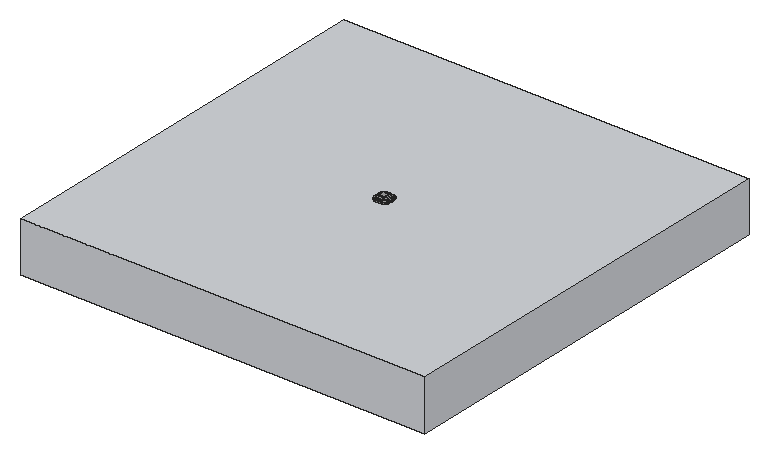
Revit family "2CKA006800A2740", category Elektroinstallationen, Revit 2017
Family settings
  Basisbauteil = Fläche
  Beschriftungsausrichtung beibehalten = Nein
  Bemaßung runder Anschluss = Durchmesser verwenden
  Teiletyp = Normal
  Beim Laden mit Abzugskörper schneiden = Nein
  Gemeinsam genutzt = Nein
  Raumberechnungspunkt = Nein
Parameters
  Werkstoffgüte = "Thermoplast"
  Werkstoff = "Kunststoff"
  Default Elevation = 1219.2 mm
  Unterkriechschutz/Rückfeldüberwachung = yes
  URL = "https://www.busch-jaeger.de/"
  Typname = "Busch-Präsenzmelder Universal BT, Relais, studioweiß matt, Bewegungs-/Präsenzmelder, Präsenzmelder"
  Treppenhausüberwachung = yes
  Temperatur [K] = "[-5:45]"
  Teach-Funktion für Ansprechhelligkeit = yes
  TYPE = "6819/31-24"
  Spannungsart = "AC"
  Sensortyp = "passiv Infrarot"
  Schutzart (IP) = "IP40"
  RAL-Nummer (ähnlich) = 9016
  Produktseite = "https://media.live.bim.site/t/eyJhbGciOiJIUzI1NiIsInR5cCI6IkpXVCJ9.eyJjdCI6MiwidHUiOiJodHRwOi8vYnVzY2gtamFlZ2VyLWthdGFsb2cuZGUvNjgwMC0wLTI3NDAsYXJ0aWtlbC5odG1sIiwiY2lkIjoiZmVkOThlOWEtMWJkOC00YzY4LWE3M2ItNzRhOTRlMzE1ODIzIiwicmlkIjoiOTk3ZGJlOGExNDQxZTYyOGIyOTNhNzYxZGNmOTNhZDAiLCJwaWQiOiIzY2I4MWI1MTUyN2FhNWQxNzAwOGY2NmU5Zjc0MWY5ODRhODg3M2ZlIiwic2lkIjoiNjM3MzIiLCJ1dCI6MSwibGMiOiJkZSIsImlhdCI6MTU4MjE5NTU4NSwiaXNzIjoiaHR0cHM6Ly9hcGkubGl2ZS5iaW0uc2l0ZSIsInN1YiI6ImY1ODZjNGI2LWE1MDgtNDI3YS05ODE4LTEzMTc5NjY1NzZiYyJ9.bDmVgh5Dbo0-ZJaGAeENKdYN1Ienp491x5NPfPYa4LA"
  Optimale Montagehöhe [m] = 3
  Oberfläche = "unbehandelt"
  Nennspannung [V] [Volt] = 230
  Nebenstelleneingang = yes
  Montageart = "sonstige"
  Min. Einschaltdauer [s] = 60
  Max. Schaltleistung [Voltampere] = 2300
  Max. Reichweite zu einer Seite [m] = 6
  Max. Reichweite frontal [m] = 6
  Max. Einschaltstrom = 800 A
  Max. Einschaltdauer [s] = 1800
  Ist Zubehör = no
  Ist System = no
  Hersteller = "Busch-Jaeger"
  HeinzeBIM = "https://www.heinze.de/bim/busch-praesenzmelder-universal-bt-relais-studioweiss-matt-bewegungs-praesenzmelder-praesenzmelder/3cb81b51527aa5d17008f66e9f741f984a8873fe"
  Halogenfrei = yes
  HAN = "2CKA006800A2740"
  Gewicht [kg/m] = 0.161
  Gerätetiefe [mm] = 72
  Gerätehöhe [mm] = 94
  Gerätebreite [mm] = 94
  Geeignet für C-Last = yes
  GTIN = "4011395217627"
  Frequenz [Hz] = "[50:60]"
  Fernbedienbar = yes
  Farbe = "weiß"
  Erfassungswinkel horizontal [°] = "[90:360]"
  Erfassungsfeld Durchmesser auf Fußboden [m] = 12
  Datenblatt = "https://media.live.bim.site/t/eyJhbGciOiJIUzI1NiIsInR5cCI6IkpXVCJ9.eyJjdCI6MSwidGYiOiJwdWJsaWMvYnVzY2gtamFlZ2VyL2VhZjFmM2IvMkNLQTAwNjgwMEEyNzQwX1JPSFNfMjAxOV8xMF8wNy5wZGYiLCJjaWQiOiJmZWQ5OGU5YS0xYmQ4LTRjNjgtYTczYi03NGE5NGUzMTU4MjMiLCJyaWQiOiI5OTdkYmU4YTE0NDFlNjI4YjI5M2E3NjFkY2Y5M2FkMCIsInBpZCI6IjNjYjgxYjUxNTI3YWE1ZDE3MDA4ZjY2ZTlmNzQxZjk4NGE4ODczZmUiLCJzaWQiOiI2MzczMiIsInV0IjoxLCJsYyI6ImRlIiwiaWF0IjoxNTgyMTk1NTg1LCJpc3MiOiJodHRwczovL2FwaS5saXZlLmJpbS5zaXRlIiwic3ViIjoiZjU4NmM0YjYtYTUwOC00MjdhLTk4MTgtMTMxNzk2NjU3NmJjIn0.Inz15TZr-kE38YMg7_Tv2X_bM8r7xRjcdG3yb_Lycbw/2CKA006800A2740_ROHS_2019_10_07.pdf"
  Beschreibung = "Busch-Präsenzmelder Universal BT, Relais, studioweiß matt, Bewegungs-/Präsenzmelder, Präsenzmelder, Busch-Präsenzmelder Universal BT, Relais 12 Meter Master-Präsenzmelder mit Mischlichtmessung. Zum helligkeits- und bewegungsabhängigen Schalten von Beleuchtungen. Mit Bluetooth-Schnittstelle zur Parametrierung und Bedienung. Anpassung sämtlicher Einstellmöglichkeiten über Smartphone oder Tablet. Lichtsteuerung über Smartphone oder Tablet App. Mit Hochlastrelais für LED-Betrieb. Erfassungsbereich (bei 3 m Montagehöhe): kreisförmig: Sitzende Personen: bis zu Ø 10 m, gehende Personen: bis zu Ø 12 m. Erweiterung des Erfassungsbereiches durch Master-/Slave Kombination. Aufbauhöhe 23 mm. Für halbautomatischen, Komfort- und vollautomatischen Betrieb. Zusätzliche Ein-/Ausschaltmöglichkeit über Tastereingang. Mit Dauerlicht- / Dauer-Aus-Funktion (8 Std.), über intelligenten Nebenstelleneingang aktivierbar. Mit wählbarer Anwesenheitssimulation bei Nichtanwesenheit. Mit integrierter Speicherung der Einschaltdauer (Energie Monitor). Mit helligkeitsunabhängigem Testbetrieb zur Auswertung des Erfassungsbereiches. Mit Teach-In Funktion der Helligkeitsschaltschwelle, IR Service-Handsender erforderlich. Mit Erfassungsanzeige im Testbetrieb. Deckeneinbaumontage über integrierte Federbügel. Verdrehschutz über zusätzliche Schnellverspannung. Einstellelemente frontseitig zugänglich. Überwachungsdichte: 72 Sektoren mit 640 Schaltsegmenten. Individuelle Abschaltung und Empfindlichkeitseinstellung einzelner Sensoren möglich. Ausschaltverzögerung: ca. 1 Min. - 30 Min. oder Kurzzeitimpuls einstellbar. Mit wählbarer dynamischer Ausschaltverzögerung. Geeignet für abgehängte Decken mit eine Plattenstärke von 9 bis 25 mm. Einbaulochmaß: Ø 68 mm. Bedienelemente: 2 Regler zur Einstellung von Helligkeitsschaltschwelle und Nachlaufzeit. Anzeigeelemente: LED Erfassungs- und Statusanzeige. Nennspannung: 230 V~, +10 % / -10 % Nennfrequenz: 50 Hz/60 Hz Ausgänge: 1x Schließer, potenzialgebunden Lastart: 230 V-Glühlampen Nennleistung: 2300 W Lastart: 230 V~ LEDi Nennleistung: 200 W/VA Lastart: Leuchtstofflampen Nennstrom: 10 AX, bei cos ? 0,9 Öffnungswinkel: 360 ° Helligkeitsgrenzwert: 5 Lux - 2000 Lux Montagehöhe: 2 m - 4 m Schutzart Gerät: IP 40 Temperaturbereich Gerät: -5 °C bis 45 °C Maße (H x B x T): 94 mm x 94 mm x 72 mm Einbautiefe: 49 mm 60669-2-1"
  BIMSITE_PRODUCT_ID = "3cb81b51527aa5d17008f66e9f741f984a8873fe"
  BIM = "https://media.live.bim.site/t/eyJhbGciOiJIUzI1NiIsInR5cCI6IkpXVCJ9.eyJjdCI6MSwidGYiOiJwdWJsaWMvYnVzY2gtamFlZ2VyL2VhZjFmM2IvMkNLQTAwNjgwMEEyNzQwLnJmYSIsImNpZCI6ImZlZDk4ZTlhLTFiZDgtNGM2OC1hNzNiLTc0YTk0ZTMxNTgyMyIsInJpZCI6Ijk5N2RiZThhMTQ0MWU2MjhiMjkzYTc2MWRjZjkzYWQwIiwicGlkIjoiM2NiODFiNTE1MjdhYTVkMTcwMDhmNjZlOWY3NDFmOTg0YTg4NzNmZSIsInNpZCI6IjYzNzMyIiwidXQiOjUsImxjIjoiZGUiLCJpYXQiOjE1ODIxOTU1ODUsImlzcyI6Imh0dHBzOi8vYXBpLmxpdmUuYmltLnNpdGUiLCJzdWIiOiJmNTg2YzRiNi1hNTA4LTQyN2EtOTgxOC0xMzE3OTY2NTc2YmMifQ.SfoJ12Mw9PZmu7dRbPR2tRy3OV88G5UoQpwgCWfnSTk/2CKA006800A2740.rfa"
  Ausführung der Oberfläche = "matt"
  Ausführung = "Präsenzmelder"
  Anzahl der Schaltzonen = 640
  Ansprechhelligkeit einstellbar = yes
  Ansprechhelligkeit [lx] = "[5:2000]"
  Ansprechempfindlichkeit einstellbar = yes
Reference planes
  plane 1 "Center (Front/Back)": y = 0
  plane 2: z = 0
  plane 3 "Center (Left/Right)": x = 0
Forms (mm)
  Extrusion 1, solid
    sketch origin (0, 0, 0) x (1, 0, 0) y (0, 1, 0)
      loop
        line (-1219.2, 1219.2) -> (-1219.2, -1219.2) -> (1219.2, -1219.2) -> (1219.2, 1219.2) -> (-1219.2, 1219.2)
    from 0 to -304.8
  Extrusion 2, solid, material "White", detail levels fine
    sketch origin (-407.065, -292.84, -48) x (1, 0, 0) y (0, 1, 0)
      loop
        line (360.433, 278.59) -> (361.996, 270.73) -> (362.898, 266.198) -> (367.35, 259.535) -> (369.917, 255.692) -> (376.58, 251.24) -> (380.423, 248.673) -> (384.955, 247.771) -> (392.815, 246.208) -> (405.622, 246.208) -> (409.375, 246.208) -> (421.315, 246.208) -> (429.174, 247.771) -> (433.706, 248.673) -> (440.369, 253.125) -> (444.212, 255.692) -> (448.664, 262.355) -> (451.231, 266.198) -> (452.133, 270.73) -> (453.696, 278.59) -> (453.696, 285.804) -> (453.696, 292.558) -> (453.696, 293.947) -> (453.696, 295.151) -> (453.696, 307.09) -> (452.133, 314.949) -> (451.231, 319.482) -> (446.779, 326.145) -> (444.212, 329.987) -> (437.549, 334.439) -> (433.706, 337.007) -> (429.174, 337.908) -> (421.315, 339.471) -> (410.769, 339.471) -> (403.36, 339.471) -> (392.815, 339.471) -> (384.955, 337.908) -> (380.423, 337.007) -> (373.76, 332.555) -> (369.917, 329.987) -> (365.465, 323.324) -> (362.898, 319.482) -> (361.996, 314.949) -> (360.433, 307.09) -> (360.433, 278.59)
    from 48 to 55.2
  Extrusion 3, solid, detail levels medium+fine
    sketch origin (-572.33, -275.12, -48) x (1, 0, 0) y (0, 1, 0)
      loop
        circle (572.33, 275.12) r 31.839
    from 0 to 48
  Extrusion 4, solid, material "White", detail levels fine
    sketch origin (0, 0, -48) x (1, 0, 0) y (0, 0, 1)
      loop
        line (37.19, 55.2) -> (34.327, 59.041) -> (31.638, 62.648) -> (26.481, 67.787) -> (20.728, 70.593) -> (13.999, 71.5) -> (-14, 71.5) -> (-21.202, 70.437) -> (-26.89, 67.501) -> (-31.639, 62.648) -> (-34.454, 58.871) -> (-37.19, 55.2) -> (37.19, 55.2)
    from 14.5 to -14.5
  Revolve 5, solid, material "White", detail levels fine
    sketch origin (0, 14.5, -48) x (1, 0, 0) y (0, 0, 1)
      loop
        line (-14, 71.5) -> (-21.202, 70.437) -> (-26.89, 67.501) -> (-31.639, 62.648) -> (-34.454, 58.871) -> (-37.19, 55.2) -> (-14, 55.2) -> (-14, 71.5)
      axis (-14, 55.2) -> (-14, 71.5)
    angle from 0 to 90
  Revolve 6, solid, material "White", detail levels fine
    sketch origin (0, -14.5, -48) x (-1, 0, 0) y (0, 0, 1)
      loop
        line (-14, 71.5) -> (-21.202, 70.437) -> (-26.89, 67.501) -> (-31.639, 62.648) -> (-34.454, 58.871) -> (-37.19, 55.2) -> (-14, 55.2) -> (-14, 71.5)
      axis (-14, 55.2) -> (-14, 71.5)
    angle from 0 to 90
  Revolve 7, solid, material "White", detail levels fine
    sketch origin (13.999, 0.5, -48) x (0, -1, 0) y (0, 0, 1)
      loop
        line (-14, 71.5) -> (-21.202, 70.437) -> (-26.89, 67.501) -> (-31.639, 62.648) -> (-34.454, 58.871) -> (-37.19, 55.2) -> (-14, 55.2) -> (-14, 71.5)
      axis (-14, 55.2) -> (-14, 71.5)
    angle from 0 to 90
  Revolve 8, solid, material "White", detail levels fine
    sketch origin (-14, -0.5, -48) x (0, 1, 0) y (0, 0, 1)
      loop
        line (-14, 71.5) -> (-21.202, 70.437) -> (-26.89, 67.501) -> (-31.639, 62.648) -> (-34.454, 58.871) -> (-37.19, 55.2) -> (-14, 55.2) -> (-14, 71.5)
      axis (-14, 55.2) -> (-14, 71.5)
    angle from 0 to 90
  Extrusion 9, solid, material "White", detail levels fine
    sketch origin (13.999, 0.5, -48) x (0, -1, 0) y (0, 0, 1)
      loop
        line (-21.202, 70.437) -> (-26.89, 67.501) -> (-31.639, 62.648) -> (-34.454, 58.871) -> (-37.19, 55.2) -> (-14, 55.2) -> (-14, 71.5) -> (-21.202, 70.437)
      loop
        line (32.639, 62.648) -> (27.89, 67.501) -> (22.202, 70.437) -> (15, 71.5) -> (15, 55.2) -> (38.191, 55.2) -> (35.454, 58.871) -> (32.639, 62.648)
    from 0 to 27.999
  Extrusion 10, solid, material "White", detail levels medium
    sketch origin (0, 0, 0) x (1, 0, 0) y (0, 1, 0)
      loop
        line (46.632, 46.632) -> (-46.632, 46.632) -> (-46.632, -46.632) -> (46.632, -46.632) -> (46.632, 46.632)
    from 0 to 7.2
  Extrusion 11, solid, material "White", detail levels medium
    sketch origin (0, 0, 0) x (1, 0, 0) y (0, 1, 0)
      loop
        line (37.19, 37.69) -> (-37.19, 37.69) -> (-37.19, -37.69) -> (37.19, -37.69) -> (37.19, 37.69)
    from 0 to 23.5
  Extrusion 12, solid, material "White", detail levels coarse
    sketch origin (0, 0, 0) x (1, 0, 0) y (0, 1, 0)
      loop
        line (-46.632, 46.632) -> (-46.632, -46.632) -> (46.632, -46.632) -> (46.632, 46.632) -> (-46.632, 46.632)
    from -48 to 23.5
Dimensions and locks
  aligned and locked: plane 2 to Extrusion 1
  aligned and locked: level to Extrusion 1
